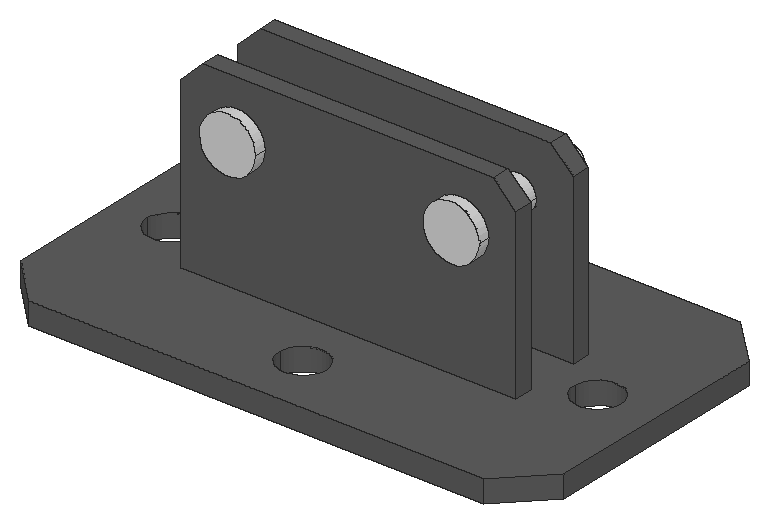
Revit family "EV_PUSH-PULL PROP SHOE_1900144", category Generic Models, Revit 2018
Family settings
  Can host rebar = No
  Round Connector Dimension = Use Diameter
  Part Type = Normal
  OmniClass Number = 35.51.14.00
  OmniClass Title = FORMWORK
  Work Plane-Based = Yes
  Always vertical = No
  Cut with Voids When Loaded = No
  Shared = Yes
  Room Calculation Point = No
Parameters
  VERSION = "20170217"  # constant formula
  URL = "www.ulmaconstruction.com/en"
  UNICLASS = ""
  Manufacturer = "ULMA CONSTRUCTION"  # constant formula
  ITEM_CODE = "1900144"
  FILTER [instance] = ""
  Default Elevation = 0 mm
  CLASSIFICATION_TITLE = ""
  CLASSIFICATION_NUMBER = ""
Reference planes
  plane 1 "Centro (Frontal/Posterior)": y = 0
  plane 2: z = 0
  plane 3 "Centro (Izquierda/Derecha)": x = 0
  plane 4: y = 12
  plane 5: y = -12
  plane 6: x = -50
  plane 7: x = 50
Forms (mm)
  Extrusion 1, solid, material "ULMA BLACK", detail levels fine
    sketch origin (0, 0, 0) x (1, 0, 0) y (0, 1, 0)
      loop
        line (-101.5, 71.5) -> (-121.5, 51.5) -> (-121.5, -51.5) -> (-101.5, -71.5) -> (101.5, -71.5) -> (121.5, -51.5) -> (121.5, 51.5) -> (101.5, 71.5) -> (-101.5, 71.5)
      loop
        circle (0, 45.5) r 10.5
      loop
        circle (-95.5, 0) r 10.5
      loop
        circle (0, -45.5) r 10.5
      loop
        circle (95.5, 0) r 10.5
    from 0 to 10
  Extrusion 2, solid, material "ULMA BLACK", detail levels fine
    sketch origin (4267.2, -12, 76.09) x (0, 0, 1) y (1, 0, 0)
      loop
        line (-66.09, -4342.2) -> (8.91, -4342.2) -> (18.91, -4332.2) -> (18.91, -4202.2) -> (8.91, -4192.2) -> (-66.09, -4192.2) -> (-66.09, -4342.2)
      loop
        circle (-6.09, -4317.2) r 8
      loop
        circle (-6.09, -4217.2) r 8
    from 0 to -8
  Extrusion 3, solid, material "ULMA BLACK", detail levels fine
    sketch origin (4267.2, 12, 76.09) x (0, 0, 1) y (-1, 0, 0)
      loop
        line (-66.09, 4342.2) -> (-66.09, 4192.2) -> (8.91, 4192.2) -> (18.91, 4202.2) -> (18.91, 4332.2) -> (8.91, 4342.2) -> (-66.09, 4342.2)
      loop
        circle (-6.09, 4317.2) r 8
      loop
        circle (-6.09, 4217.2) r 8
    from 0 to -8
  Extrusion 4, solid, material "ULMA ZINC", detail levels fine
    sketch origin (4267.2, -20, 76.09) x (0, 0, -1) y (1, 0, 0)
      loop
        circle (6.09, -4317.2) r 12.5
    from 0 to 5
  Extrusion 5, solid, material "ULMA ZINC", detail levels fine
    sketch origin (4267.2, -20, 76.09) x (0, 0, -1) y (1, 0, 0)
      loop
        circle (6.09, -4317.2) r 8
    from 0 to -60
  Extrusion 6, solid, material "ULMA ZINC", detail levels fine
    sketch origin (-4267.2, -20, 76.09) x (0, 0, -1) y (1, 0, 0)
      loop
        circle (6.09, 4317.2) r 12.5
    from 0 to 5
  Extrusion 7, solid, material "ULMA ZINC", detail levels fine
    sketch origin (-4267.2, -20, 76.09) x (0, 0, -1) y (1, 0, 0)
      loop
        circle (6.09, 4317.2) r 8
    from 0 to -60
  Extrusion 8, solid, material "ULMA BLACK", detail levels coarse+medium
    sketch origin (0, 0, 10) x (1, 0, 0) y (0, 1, 0)
      loop
        line (-121.5, -71.5) -> (121.5, -71.5) -> (121.5, 71.5) -> (-121.5, 71.5) -> (-121.5, -71.5)
    from 0 to -10
  Extrusion 9, solid, material "ULMA BLACK", detail levels coarse+medium
    sketch origin (0, 0, 10) x (1, 0, 0) y (0, 1, 0)
      loop
        line (-75, -20) -> (75, -20) -> (75, 20) -> (-75, 20) -> (-75, -20)
    from 0 to 85
Dimensions and locks
  plane 6 to plane 3 "Centro (Izquierda/Derecha)" to plane 7 = 50 mm locked, 50 mm locked
  aligned and locked: level to plane 2
